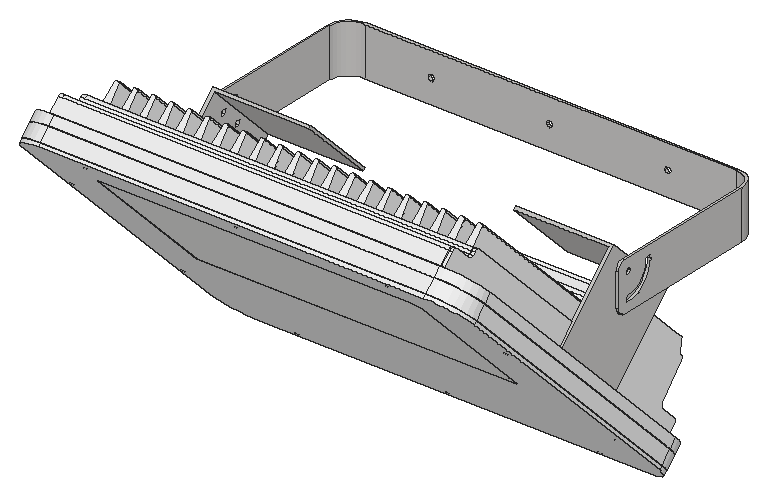
Revit family "FT ATEX LED MAX_2021", category Luminarias, Revit 2021 (continued)
Types (12, lengths in mm): name | Wattage | Power | Position | Archivo de red fotométrica | built-in parameter 1150142 | Modules | Lumens | built-in parameter 1150105 | built-in parameter 1150106 | Equiv MH
    0\t0\t0\t0\t0\t0\r\n0\t0\t0\t0\t0\t0\t0\t0\t0\t0\r\n0\t0\t0\t0\t0\t0\t0\t0\t0\t0\r\n0\t0\t0\t0\t0\t0\t0\t0\t0\t0\r\n0\r\n3511.7158\t3420.2693\t3332.2414\t3242.0768\t3153.6216\t3065.5937\t2985.2575\t2910.0492\t2838.4731\t2768.6063\r\n2699.3804\t2607.5066\t2508.3684\t2413.9307\t2323.5525\t2238.3022\t2172.7085\t2123.5667\t2059.2551\t2008.404\r\n1974.2184\t1944.947\t1923.7946\t1902.6423\t1888.1134\t1871.2343\t1853.0732\t1837.6897\t1825.7247\t1823.3744\r\n1839.8263\t1872.7299\t1930.2044\t2002.8488\t2073.5703\t2105.4056\t2058.8278\t1917.3848\t1687.7003\t1411.8653\r\n1111.673\t711.7015\t348.6931\t248.7002\t199.7721\t161.7406\t0\t0\t0\t0\r\n0\t0\t0\t0\t0\t0\t0\t0\t0\t0\r\n0\t0\t0\t0\t0\t0\t0\t0\t0\t0\r\n0\t0\t0\t0\t0\t0\t0\t0\t0\t0\r\n0\t0\t0\t0\t0\t0\t0\t0\t0\t0\r\n0\r\n3505.7333\t3408.3043\t3313.8666\t3219.4289\t3125.8458\t3033.331\t2949.149\t2873.5133\t2798.7323\t2722.6694\r\n2644.8971\t2535.2896\t2431.2371\t2329.9623\t2234.8836\t2149.8469\t2081.6894\t2030.6246\t1968.4496\t1922.94\r\n1890.0364\t1866.3201\t1839.6126\t1821.4515\t1806.9226\t1798.5899\t1791.1118\t1782.3517\t1778.9332\t1797.0943\r\n1822.3061\t1868.4567\t1935.1186\t2002.8488\t2054.7682\t2059.8961\t1958.4076\t1809.9139\t1598.3905\t1297.9845\r\n964.6749\t615.9818\t332.0276\t252.3325\t200.8404\t165.1592\t0\t0\t0\t0\r\n0\t0\t0\t0\t0\t0\t0\t0\t0\t0\r\n0\t0\t0\t0\t0\t0\t0\t0\t0\t0\r\n0\t0\t0\t0\t0\t0\t0\t0\t0\t0\r\n0\t0\t0\t0\t0\t0\t0\t0\t0\t0\r\n0\r\n3498.4688\t3395.912\t3295.9192\t3196.9946\t3100.2066\t3005.1279\t2918.5956\t2842.5326\t2766.256\t2683.1423\r\n2591.0548\t2466.491\t2357.7381\t2252.831\t2156.8977\t2072.0747\t2004.5581\t1951.5704\t1895.5915\t1856.0644\r\n1827.8613\t1798.5899\t1776.3692\t1760.9857\t1752.2257\t1745.8159\t1744.1066\t1745.6022\t1756.4989\t1782.779\r\n1829.7842\t1891.532\t1956.4846\t2006.9084\t2020.7963\t1989.1746\t1899.4374\t1737.6968\t1488.9965\t1170.0022\r\n819.1724\t516.4162\t332.0276\t261.7335\t199.7721\t161.7406\t0\t0\t0\t0\r\n0\t0\t0\t0\t0\t0\t0\t0\t0\t0\r\n0\t0\t0\t0\t0\t0\t0\t0\t0\t0\r\n0\t0\t0\t0\t0\t0\t0\t0\t0\t0\r\n0\t0\t0\t0\t0\t0\t0\t0\t0\t0\r\n0\r\n3503.383\t3393.9891\t3291.005\t3187.1662\t3086.746\t2991.24\t2902.7848\t2825.6535\t2746.3856\t2657.2894\r\n2547.0409\t2417.5629\t2302.8275\t2195.3565\t2101.3461\t2017.3777\t1949.6475\t1895.1642\t1843.6721\t1808.4182\r\n1777.0102\t1752.653\t1735.7738\t1724.0225\t1716.1171\t1715.4761\t1719.1084\t1727.8684\t1750.73\t1795.1713\r\n1843.6721\t1899.6511\t1962.2534\t2001.3532\t2003.4898\t1967.8086\t1850.0819\t1654.583\t1402.8916\t1107.6134\r\n781.141\t463.6422\t328.3954\t276.0487\t195.9262\t163.6636\t0\t0\t0\t0\r\n0\t0\t0\t0\t0\t0\t0\t0\t0\t0\r\n0\t0\t0\t0\t0\t0\t0\t0\t0\t0\r\n0\t0\t0\t0\t0\t0\t0\t0\t0\t0\r\n0\t0\t0\t0\t0\t0\t0\t0\t0\t0\r\n0\r\n3499.7508\t3385.6564\t3278.6127\t3173.2783\t3071.5762\t2973.0789\t2885.051\t2806.2104\t2719.6781\t2626.0951\r\n2504.0952\t2366.4982\t2248.3442\t2141.0869\t2047.5038\t1968.2359\t1902.4286\t1847.7317\t1802.6494\t1766.9682\r\n1740.2607\t1721.4586\t1708.2117\t1697.7424\t1695.8194\t1698.597\t1704.1522\t1719.1084\t1757.1398\t1816.3237\r\n1861.4059\t1918.4531\t1982.1238\t2021.2236\t2016.3094\t1956.9119\t1818.8876\t1618.4745\t1345.417\t1068.941\r\n742.4685\t419.8419\t316.0031\t263.2291\t199.9858\t164.7319\t0\t0\t0\t0\r\n0\t0\t0\t0\t0\t0\t0\t0\t0\t0\r\n0\t0\t0\t0\t0\t0\t0\t0\t0\t0\r\n0\t0\t0\t0\t0\t0\t0\t0\t0\t0\r\n0\t0\t0\t0\t0\t0\t0\t0\t0\t0\r\n0\r\n3502.742\t3385.0154\t3274.3395\t3166.8685\t3063.4571\t2963.6779\t2874.1543\t2795.3138\t2704.2946\t2606.011\r\n2474.8238\t2335.3038\t2213.3039\t2106.2603\t2012.2499\t1934.264\t1869.3113\t1815.8963\t1775.9419\t1742.8246\r\n1719.963\t1703.2975\t1687.273\t1680.0086\t1684.2818\t1685.7774\t1695.6058\t1718.0401\t1769.3185\t1827.434\r\n1875.2938\t1940.0328\t1993.6615\t2026.5651\t2021.8646\t1954.348\t1813.5461\t1598.1768\t1311.8724\t979.8448\r\n570.4722\t302.7562\t261.3062\t224.984\t184.3886\t160.245\t0\t0\t0\t0\r\n0\t0\t0\t0\t0\t0\t0\t0\t0\t0\r\n0\t0\t0\t0\t0\t0\t0\t0\t0\t0\r\n0\t0\t0\t0\t0\t0\t0\t0\t0\t0\r\n0\t0\t0\t0\t0\t0\t0\t0\t0\t0\r\n0\r\n3498.8962\t3378.6056\t3265.7931\t3158.1085\t3052.5604\t2953.2085\t2863.044\t2779.5029\t2687.2018\t2584.645\r\n2445.5524\t2303.6821\t2180.614\t2073.5703\t1983.6194\t1904.9926\t1843.2448\t1794.103\t1757.5672\t1727.0138\r\n1706.0751\t1689.196\t1677.0173\t1674.8807\t1676.59\t1684.2818\t1699.238\t1728.9367\t1782.3517\t1831.7072\r\n1872.7299\t1941.9557\t1989.1746\t2017.3777\t2004.3445\t1936.1869\t1796.2396\t1572.5376\t1250.9793\t733.7084\r\n388.2202\t251.2642\t230.9665\t198.9175\t166.6548\t149.7757\t0\t0\t0\t0\r\n0\t0\t0\t0\t0\t0\t0\t0\t0\t0\r\n0\t0\t0\t0\t0\t0\t0\t0\t0\t0\r\n0\t0\t0\t0\t0\t0\t0\t0\t0\t0\r\n0\t0\t0\t0\t0\t0\t0\t0\t0\t0\r\n0\r\n3501.2464\t3378.1783\t3264.2975\t3155.9719\t3051.0648\t2950.8583\t2859.6254\t2772.2385\t2678.6554\t2571.1844\r\n2430.8098\t2288.9396\t2164.5895\t2053.9136\t1965.2447\t1888.5407\t1827.2203\t1780.4288\t1745.1749\t1716.9718\r\n1701.8019\t1687.273\t1678.513\t1677.0173\t1681.9315\t1687.7003\t1702.2292\t1731.5006\t1783.42\t1826.3657\r\n1874.8665\t1940.0328\t1983.6194\t2008.8313\t1998.5756\t1940.6738\t1803.5041\t1571.042\t1144.5766\t610.4266\r\n336.5145\t226.4796\t207.6775\t180.1154\t157.6811\t148.28\t0\t0\t0\t0\r\n0\t0\t0\t0\t0\t0\t0\t0\t0\t0\r\n0\t0\t0\t0\t0\t0\t0\t0\t0\t0\r\n0\t0\t0\t0\t0\t0\t0\t0\t0\t0\r\n0\t0\t0\t0\t0\t0\t0\t0\t0\t0\r\n0\r\n3496.3322\t3373.2641\t3257.8877\t3148.0664\t3043.8004\t2943.8075\t2851.72\t2762.8375\t2667.7588\t2557.9375\r\n2414.1443\t2273.9834\t2150.9152\t2041.5213\t1952.8524\t1877.4304\t1819.5286\t1776.7966\t1745.6022\t1718.4674\r\n1704.5795\t1695.1784\t1691.7599\t1688.3413\t1693.6828\t1694.7511\t1709.4937\t1741.1153\t1800.5128\t1844.0995\r\n1902.6423\t1959.0485\t1997.08\t2008.404\t1982.7648\t1924.6493\t1789.1888\t1551.8126\t1025.9953\t554.4477\r\n308.7387\t216.2239\t195.9262\t175.2012\t167.0821\t162.8089\t0\t0\t0\t0\r\n0\t0\t0\t0\t0\t0\t0\t0\t0\t0\r\n0\t0\t0\t0\t0\t0\t0\t0\t0\t0\r\n0\t0\t0\t0\t0\t0\t0\t0\t0\t0\r\n0\t0\t0\t0\t0\t0\t0\t0\t0\t0\r\n0\r\n3501.2464\t3376.6826\t3260.4516\t3151.0577\t3046.5779\t2946.7987\t2855.1386\t2764.3331\t2668.8271\t2559.0058\r\n2415.4263\t2275.0517\t2150.4879\t2043.0169\t1953.0661\t1879.3534\t1827.8613\t1786.1976\t1755.6442\t1726.8001\r\n1710.562\t1706.0751\t1717.3991\t1711.2029\t1706.0751\t1711.6303\t1721.0313\t1747.0978\t1809.0592\t1859.483\r\n1911.8297\t1959.9032\t1994.9434\t2008.8313\t1977.8506\t1919.7351\t1790.2571\t1558.6497\t1025.3543\t567.2673\r\n311.5163\t218.1469\t193.3623\t172.6373\t167.0821\t164.3045\t0\t0\t0\t0\r\n0\t0\t0\t0\t0\t0\t0\t0\t0\t0\r\n0\t0\t0\t0\t0\t0\t0\t0\t0\t0\r\n0\t0\t0\t0\t0\t0\t0\t0\t0\t0\r\n0\t0\t0\t0\t0\t0\t0\t0\t0\t0\r\n0\r\n3494.8366\t3372.1958\t3255.9647\t3148.0664\t3044.655\t2944.8758\t2853.8566\t2763.2648\t2666.6905\t2557.5102\r\n2413.5034\t2272.0604\t2148.9923\t2043.4442\t1954.348\t1880.849\t1825.2974\t1781.7107\t1748.1661\t1721.0313\r\n1704.1522\t1693.8965\t1700.0926\t1693.8965\t1687.914\t1693.6828\t1707.998\t1742.8246\t1801.5811\t1845.1678\r\n1900.5057\t1949.0065\t1988.5336\t2005.4128\t1970.3725\t1913.3253\t1788.1205\t1559.718\t1048.6433\t562.5668\r\n314.5075\t219.0015\t200.8404\t179.6881\t162.1679\t160.245\t0\t0\t0\t0\r\n0\t0\t0\t0\t0\t0\t0\t0\t0\t0\r\n0\t0\t0\t0\t0\t0\t0\t0\t0\t0\r\n0\t0\t0\t0\t0\t0\t0\t0\t0\t0\r\n0\t0\t0\t0\t0\t0\t0\t0\t0\t0\r\n0\r\n3495.4776\t3374.1187\t3258.956\t3153.6216\t3050.2102\t2952.7812\t2861.762\t2770.1019\t2674.8095\t2566.9112\r\n2425.4683\t2285.3074\t2161.8119\t2054.3409\t1965.2447\t1888.1134\t1829.7842\t1783.2064\t1747.7388\t1717.3991\r\n1699.6653\t1684.9228\t1677.872\t1680.4359\t1677.0173\t1681.2905\t1697.1014\t1729.364\t1779.7878\t1821.0242\r\n1874.2255\t1932.5547\t1968.2359\t1993.4478\t1973.3638\t1912.0433\t1793.2484\t1584.0752\t1187.3086\t648.0308\r\n355.7439\t235.026\t217.0786\t184.6022\t158.7494\t151.9123\t0\t0\t0\t0\r\n0\t0\t0\t0\t0\t0\t0\t0\t0\t0\r\n0\t0\t0\t0\t0\t0\t0\t0\t0\t0\r\n0\t0\t0\t0\t0\t0\t0\t0\t0\t0\r\n0\t0\t0\t0\t0\t0\t0\t0\t0\t0\r\n0\r\n3489.4951\t3370.7002\t3256.8194\t3152.126\t3051.0648\t2952.1402\t2863.2577\t2773.7341\t2681.0057\t2574.1757\r\n2436.1513\t2298.127\t2175.6998\t2069.7244\t1979.7736\t1904.9926\t1843.0312\t1795.5986\t1758.2081\t1728.5094\r\n1706.0751\t1689.4096\t1680.0086\t1683.8545\t1680.8632\t1681.5042\t1694.3238\t1724.8772\t1771.4551\t1825.7247\r\n1876.3621\t1938.5372\t1968.8769\t2000.0713\t1989.1746\t1916.9575\t1801.5811\t1612.0647\t1318.7095\t827.0779\r\n423.0468\t270.7072\t241.0085\t202.336\t167.0821\t153.8352\t0\t0\t0\t0\r\n0\t0\t0\t0\t0\t0\t0\t0\t0\t0\r\n0\t0\t0\t0\t0\t0\t0\t0\t0\t0\r\n0\t0\t0\t0\t0\t0\t0\t0\t0\t0\r\n0\t0\t0\t0\t0\t0\t0\t0\t0\t0\r\n0\r\n3492.9137\t3377.7509\t3267.716\t3163.0226\t3062.1751\t2962.1822\t2876.0773\t2790.3996\t2698.9531\t2598.5329\r\n2465.8501\t2331.0306\t2208.6034\t2104.7647\t2011.8226\t1934.0503\t1870.807\t1819.5286\t1779.3605\t1747.0978\r\n1721.8859\t1703.2975\t1688.7686\t1685.9911\t1692.8282\t1690.2643\t1696.6741\t1713.9805\t1755.0032\t1811.4095\r\n1865.8928\t1932.7684\t1974.2184\t2012.8909\t2017.3777\t1960.9715\t1836.194\t1662.7021\t1400.3276\t1078.983\r\n646.9625\t342.9243\t271.5619\t224.984\t182.4656\t162.8089\t0\t0\t0\t0\r\n0\t0\t0\t0\t0\t0\t0\t0\t0\t0\r\n0\t0\t0\t0\t0\t0\t0\t0\t0\t0\r\n0\t0\t0\t0\t0\t0\t0\t0\t0\t0\r\n0\t0\t0\t0\t0\t0\t0\t0\t0\t0\r\n0\r\n3485.4356\t3374.7597\t3269.2117\t3166.0139\t3067.5166\t2970.0877\t2884.41\t2803.2192\t2714.3366\t2616.9077\r\n2495.1215\t2363.0796\t2246.2076\t2140.4459\t2050.0677\t1971.8681\t1907.5565\t1851.1502\t1807.1363\t1774.4463\r\n1748.8071\t1727.0138\t1710.9893\t1703.0839\t1703.2975\t1705.2205\t1703.7248\t1714.4078\t1748.1661\t1799.2309\r\n1847.0907\t1917.3848\t1966.7403\t2006.4811\t2023.1465\t1980.6282\t1861.8332\t1684.2818\t1427.0351\t1120.0057\r\n774.0902\t459.1553\t320.9173\t253.4008\t190.3711\t165.1592\t0\t0\t0\t0\r\n0\t0\t0\t0\t0\t0\t0\t0\t0\t0\r\n0\t0\t0\t0\t0\t0\t0\t0\t0\t0\r\n0\t0\t0\t0\t0\t0\t0\t0\t0\t0\r\n0\t0\t0\t0\t0\t0\t0\t0\t0\t0\r\n0\r\n3488.8541\t3381.5968\t3277.7581\t3177.7652\t3082.9001\t2988.2488\t2902.3574\t2824.1579\t2742.1124\t2649.384\r\n2539.7764\t2413.076\t2301.3319\t2194.9292\t2103.91\t2022.7192\t1957.3393\t1896.6598\t1849.0136\t1815.0417\r\n1786.1976\t1761.413\t1741.329\t1728.2957\t1721.8859\t1722.5269\t1720.3903\t1723.8089\t1747.7388\t1790.2571\r\n1830.8525\t1899.6511\t1957.3393\t1999.4303\t2027.6334\t2004.5581\t1898.5828\t1714.6215\t1458.8705\t1179.1895\r\n848.8712\t500.6054\t339.7194\t264.5111\t191.012\t164.3045\t0\t0\t0\t0\r\n0\t0\t0\t0\t0\t0\t0\t0\t0\t0\r\n0\t0\t0\t0\t0\t0\t0\t0\t0\t0\r\n0\t0\t0\t0\t0\t0\t0\t0\t0\t0\r\n0\t0\t0\t0\t0\t0\t0\t0\t0\t0\r\n0\r\n3485.0083\t3384.5881\t3286.5181\t3189.7301\t3097.2154\t3004.2733\t2920.5185\t2844.4556\t2768.179\t2681.0057\r\n2583.5767\t2464.9954\t2358.5927\t2257.1042\t2166.0851\t2084.6806\t2017.1641\t1957.5529\t1903.9243\t1864.8245\r\n1833.6301\t1805.427\t1782.3517\t1765.8999\t1756.0715\t1750.0891\t1748.1661\t1746.2432\t1758.6355\t1788.7615\r\n1831.7072\t1892.6003\t1951.9978\t2011.8226\t2050.495\t2035.1115\t1947.5109\t1763.977\t1518.268\t1238.587\r\n920.02\t542.0554\t344.8472\t259.8106\t194.0033\t165.5865\t0\t0\t0\t0\r\n0\t0\t0\t0\t0\t0\t0\t0\t0\t0\r\n0\t0\t0\t0\t0\t0\t0\t0\t0\t0\r\n0\t0\t0\t0\t0\t0\t0\t0\t0\t0\r\n0\t0\t0\t0\t0\t0\t0\t0\t0\t0\r\n0\r\n3485.8629\t3391.8525\t3298.4831\t3206.3956\t3118.3677\t3030.3398\t2947.867\t2873.086\t2800.228\t2719.6781\r\n2635.4961\t2529.3071\t2429.3142\t2331.4579\t2242.789\t2161.5982\t2094.0817\t2034.0432\t1973.7911\t1929.7771\r\n1895.5915\t1866.9611\t1840.2536\t1820.3832\t1807.1363\t1796.6669\t1789.6162\t1785.7703\t1786.4113\t1803.7177\r\n1828.2886\t1880.6353\t1949.0065\t2010.7543\t2072.7157\t2093.0134\t2009.8996\t1843.6721\t1616.5516\t1343.4941\r\n1031.9778\t640.98\t337.7965\t256.8193\t196.3535\t167.7231\t0\t0\t0\t0\r\n0\t0\t0\t0\t0\t0\t0\t0\t0\t0\r\n0\t0\t0\t0\t0\t0\t0\t0\t0\t0\r\n0\t0\t0\t0\t0\t0\t0\t0\t0\t0\r\n0\t0\t0\t0\t0\t0\t0\t0\t0\t0\r\n0\r\n3482.8717\t3396.3394\t3308.9524\t3222.2065\t3136.7425\t3054.4834\t2975.8565\t2903.6394\t2833.5589\t2758.7779\r\n2683.9969\t2591.0548\t2499.181\t2407.5209\t2322.0569\t2245.3529\t2181.0413\t2124.2077\t2057.7595\t2010.7543\r\n1974.8594\t1946.0153\t1920.8034\t1895.1642\t1879.7807\t1863.9698\t1852.0049\t1843.2448\t1837.2623\t1835.7667\r\n1851.1502\t1882.3446\t1947.9382\t2002.4215\t2052.8453\t2117.1569\t2034.4705\t1888.5407\t1696.2467\t1440.4957\r\n1116.3735\t693.113\t373.4777\t265.5794\t203.4043\t169.646\t0\t0\t0\t0\r\n0\t0\t0\t0\t0\t0\t0\t0\t0\t0\r\n0\t0\t0\t0\t0\t0\t0\t0\t0\t0\r\n0\t0\t0\t0\t0\t0\t0\t0\t0\t0\r\n0\t0\t0\t0\t0\t0\t0\t0\t0\t0\r\n0\r\n3482.4443\t3404.2448\t3324.1223\t3243.5725\t3162.5953\t3089.3099\t3015.1699\t2945.3031\t2879.0685\t2813.6885\r\n2743.3944\t2663.6992\t2578.2352\t2494.6942\t2412.4351\t2340.859\t2280.3932\t2230.3967\t2167.1534\t2109.8925\r\n2075.7069\t2047.9311\t2023.3602\t1999.4303\t1973.3638\t1961.3988\t1945.1606\t1927.6405\t1910.5477\t1901.574\r\n1901.574\t1916.9575\t1957.3393\t2007.763\t2027.6334\t2090.8768\t2081.4757\t1954.5617\t1795.5986\t1570.6147\r\n1293.0703\t842.8887\t495.2639\t297.2011\t211.7371\t179.4744\t0\t0\t0\t0\r\n0\t0\t0\t0\t0\t0\t0\t0\t0\t0\r\n0\t0\t0\t0\t0\t0\t0\t0\t0\t0\r\n0\t0\t0\t0\t0\t0\t0\t0\t0\t0\r\n0\t0\t0\t0\t0\t0\t0\t0\t0\t0\r\n0\r\n3479.6668\t3408.9453\t3335.2326\t3260.8789\t3187.1662\t3119.436\t3052.7741\t2986.9668\t2925.6464\t2864.7533\r\n2801.2963\t2733.9934\t2653.8709\t2580.5855\t2503.4542\t2437.6469\t2382.95\t2338.936\t2280.3932\t2220.9957\r\n2185.5281\t2158.8206\t2136.3863\t2112.2428\t2090.4494\t2067.3742\t2046.4355\t2032.1203\t2010.3269\t1986.1834\r\n1976.7823\t1990.6702\t1995.1571\t2027.2061\t2041.5213\t2055.8365\t2070.1517\t1988.5336\t1893.6686\t1716.5444\r\n1491.9878\t1100.5627\t637.1341\t367.9225\t229.8982\t188.0208\t0\t0\t0\t0\r\n0\t0\t0\t0\t0\t0\t0\t0\t0\t0\r\n0\t0\t0\t0\t0\t0\t0\t0\t0\t0\r\n0\t0\t0\t0\t0\t0\t0\t0\t0\t0\r\n0\t0\t0\t0\t0\t0\t0\t0\t0\t0\r\n0\r\n3482.4443\t3421.1239\t3354.462\t3288.0137\t3220.9245\t3159.3904\t3097.6427\t3037.1769\t2981.4116\t2926.9283\r\n2867.1035\t2808.347\t2740.4032\t2673.3139\t2604.5154\t2542.7677\t2495.7625\t2457.09\t2410.0848\t2340.859\r\n2304.3231\t2281.4615\t2260.0955\t2238.5158\t2217.5771\t2197.7068\t2177.1954\t2155.1884\t2131.4722\t2110.7471\r\n2094.9363\t2083.185\t2059.8961\t2048.9994\t2038.5301\t2026.1378\t2024.2148\t2003.0625\t1953.0661\t1852.0049\r\n1701.1609\t1428.1034\t978.5628\t468.5564\t247.8456\t190.3711\t0\t0\t0\t0\r\n0\t0\t0\t0\t0\t0\t0\t0\t0\t0\r\n0\t0\t0\t0\t0\t0\t0\t0\t0\t0\r\n0\t0\t0\t0\t0\t0\t0\t0\t0\t0\r\n0\t0\t0\t0\t0\t0\t0\t0\t0\t0\r\n0\r\n3478.1711\t3425.1835\t3367.2816\t3306.3885\t3247.632\t3193.1487\t3136.7425\t3083.3275\t3032.9037\t2981.839\r\n2930.5606\t2876.0773\t2820.5257\t2756.855\t2700.4487\t2641.4786\t2605.37\t2576.7396\t2541.6994\t2467.9867\r\n2431.2371\t2410.0848\t2387.2232\t2368.4211\t2348.1234\t2330.8169\t2314.1515\t2292.3581\t2266.7189\t2241.5071\r\n2220.5684\t2186.5964\t2168.2217\t2135.959\t2097.9275\t2072.0747\t2035.5388\t2027.2061\t2019.3007\t2016.3094\r\n1954.5617\t1708.639\t1346.4853\t707.8556\t327.1135\t210.2414\t0\t0\t0\t0\r\n0\t0\t0\t0\t0\t0\t0\t0\t0\t0\r\n0\t0\t0\t0\t0\t0\t0\t0\t0\t0\r\n0\t0\t0\t0\t0\t0\t0\t0\t0\t0\r\n0\t0\t0\t0\t0\t0\t0\t0\t0\t0\r\n0\r\n3479.6668\t3436.5074\t3387.5793\t3335.2326\t3283.5269\t3235.667\t3187.8072\t3139.3064\t3091.6602\t3044.655\r\n2997.8635\t2950.8583\t2903.6394\t2851.9337\t2803.8602\t2755.7867\t2721.8147\t2708.3542\t2685.7062\t2617.335\r\n2576.7396\t2553.0233\t2538.7081\t2519.2651\t2502.1723\t2482.7292\t2466.9184\t2450.6802\t2435.2967\t2420.9815\r\n2393.633\t2368.4211\t2347.6961\t2302.8275\t2238.5158\t2178.9047\t2131.6858\t2104.3373\t2105.4056\t2108.1832\r\n2120.1482\t1926.7859\t1587.9211\t1000.3561\t493.7683\t247.2046\t0\t0\t0\t0\r\n0\t0\t0\t0\t0\t0\t0\t0\t0\t0\r\n0\t0\t0\t0\t0\t0\t0\t0\t0\t0\r\n0\t0\t0\t0\t0\t0\t0\t0\t0\t0\r\n0\t0\t0\t0\t0\t0\t0\t0\t0\t0\r\n0\r\n3476.0345\t3442.0626\t3401.8945\t3357.2396\t3313.8666\t3272.8439\t3232.6758\t3188.2345\t3145.7162\t3101.7022\r\n3059.1839\t3020.0841\t2980.9843\t2941.2436\t2900.2208\t2860.2664\t2833.1316\t2827.5764\t2818.6027\t2772.6658\r\n2721.6011\t2702.3717\t2693.6116\t2685.4925\t2673.1003\t2661.349\t2651.0933\t2645.5381\t2639.983\t2634.6415\r\n2612.4208\t2606.8657\t2580.1582\t2520.3334\t2450.0392\t2378.0358\t2289.7942\t2232.5333\t2185.9555\t2186.5964\r\n2152.1972\t2020.369\t1700.0926\t1175.771\t661.9187\t302.7562\t0\t0\t0\t0\r\n0\t0\t0\t0\t0\t0\t0\t0\t0\t0\r\n0\t0\t0\t0\t0\t0\t0\t0\t0\t0\r\n0\t0\t0\t0\t0\t0\t0\t0\t0\t0\r\n0\t0\t0\t0\t0\t0\t0\t0\t0\t0\r\n0\r\n3474.1116\t3451.891\t3420.6966\t3385.4427\t3349.9751\t3316.8578\t3283.5269\t3245.0681\t3206.3956\t3168.7915\r\n3130.3327\t3094.2241\t3062.6024\t3033.972\t3003.205\t2970.515\t2944.8758\t2947.867\t2951.7129\t2939.9616\r\n2877.5729\t2859.6254\t2855.3522\t2859.6254\t2858.7708\t2865.1806\t2869.2401\t2878.4275\t2894.452\t2908.7672\r\n2913.2541\t2909.6219\t2875.009\t2805.3558\t2739.1212\t2661.349\t2546.6135\t2434.6557\t2303.6821\t2190.015\r\n2111.3881\t1974.6457\t1722.5269\t1187.7359\t648.0308\t322.4129\t0\t0\t0\t0\r\n0\t0\t0\t0\t0\t0\t0\t0\t0\t0\r\n0\t0\t0\t0\t0\t0\t0\t0\t0\t0\r\n0\t0\t0\t0\t0\t0\t0\t0\t0\t0\r\n0\t0\t0\t0\t0\t0\t0\t0\t0\t0\r\n0\r\n3471.7613\t3459.1554\t3437.5757\t3412.3639\t3385.0154\t3360.8718\t3333.096\t3302.329\t3269.8526\t3235.667\r\n3199.5585\t3170.2871\t3144.6479\t3122.8546\t3101.7022\t3077.986\t3052.5604\t3062.1751\t3077.345\t3091.2329\r\n3041.8774\t3020.9387\t3028.8442\t3045.7233\t3062.1751\t3087.1733\t3114.9491\t3148.4938\t3191.0121\t3243.1451\r\n3277.3307\t3291.4323\t3264.2975\t3208.5322\t3139.3064\t3033.972\t2873.5133\t2680.151\t2453.4578\t2223.1323\r\n2003.0625\t1769.5321\t1474.6813\t998.2195\t544.6193\t321.131\t0\t0\t0\t0\r\n0\t0\t0\t0\t0\t0\t0\t0\t0\t0\r\n0\t0\t0\t0\t0\t0\t0\t0\t0\t0\r\n0\t0\t0\t0\t0\t0\t0\t0\t0\t0\r\n0\t0\t0\t0\t0\t0\t0\t0\t0\t0\r\n0\r\n3499.9645\t3495.9049\t3486.5039\t3469.1974\t3451.891\t3434.1572\t3413.2185\t3390.1432\t3363.863\t3335.0189\r\n3304.8929\t3279.681\t3255.9647\t3236.5217\t3219.8562\t3206.6093\t3191.6531\t3196.5673\t3214.942\t3248.4866\r\n3238.0173\t3214.301\t3232.2485\t3263.4428\t3305.3202\t3358.7352\t3419.201\t3494.4093\t3595.6841\t3711.4879\r\n3801.6524\t3864.8957\t3904.4228\t3910.4053\t3840.7522\t3686.917\t3419.6283\t3084.8231\t2688.4838\t2209.2444\r\n1755.0032\t1384.5168\t1015.526\t605.9398\t330.9593\t240.7948\t0\t0\t0\t0\r\n0\t0\t0\t0\t0\t0\t0\t0\t0\t0\r\n0\t0\t0\t0\t0\t0\t0\t0\t0\t0\r\n0\t0\t0\t0\t0\t0\t0\t0\t0\t0\r\n0\t0\t0\t0\t0\t0\t0\t0\t0\t0\r\n0\r\n3505.306\t3512.5704\t3514.2797\t3509.5792\t3501.8874\t3491.4181\t3480.5214\t3467.2745\t3450.3953\t3429.0293\r\n3408.7316\t3390.5705\t3369.8455\t3351.4708\t3340.5741\t3336.5146\t3333.096\t3338.0102\t3357.4532\t3391.8525\r\n3429.4567\t3404.8858\t3418.56\t3462.3603\t3523.6807\t3605.2988\t3702.5141\t3824.9413\t3981.7678\t4171.7115\r\n4347.34\t4496.0474\t4621.2521\t4707.3571\t4668.2573\t4490.7059\t4176.412\t3688.8399\t2958.7637\t2208.1761\r\n1643.2591\t1146.2859\t716.402\t397.8349\t290.3639\t218.5742\t0\t0\t0\t0\r\n0\t0\t0\t0\t0\t0\t0\t0\t0\t0\r\n0\t0\t0\t0\t0\t0\t0\t0\t0\t0\r\n0\t0\t0\t0\t0\t0\t0\t0\t0\t0\r\n0\t0\t0\t0\t0\t0\t0\t0\t0\t0\r\n0
